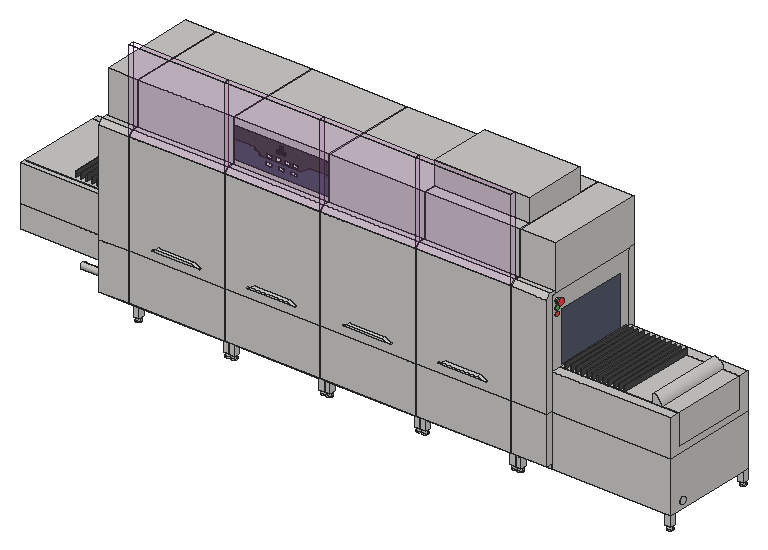
Revit family "QF_ELECTROLUXPROFESSIONAL_520715_EFTD064EL2U2D1M5L385", category Attrezzature speciali, Revit 2020
Family settings
  Quota connettore circolare = Usa diametro
  Tipo di parte = Normale
  Basato su piano di lavoro = No
  Sempre verticale = Sì
  Taglio con vuoti quando caricato = No
  Condiviso = No
  Punto di calcolo locali = No
Parameters (values of type "Standard")
  Weight = 1123.00 kg
  Watts = 48500 W
  Volts = 380 V
  URL Manufacturer = "https://www.electroluxprofessional.com/"
  URL = "https://www.electroluxprofessional.com/"
  Steam Supply Size = 0 mm
  Steam Supply Minimum Pressure = 0.0 Pa
  Steam Supply Maximum Pressure = 0.0 Pa
  Steam Consumption per Hour = 0
  Show Logo [instance] = yes
  Show Clearance [instance] = yes
  Refrigeration Suction Line Size = 0 mm
  Refrigeration Liquid Line Size = 0 mm
  Refrigerant Compressor Remote = yes
  Prospetto di default = 0 mm
  Produttore = "Electrolux Professional"
  Phase = 3
  Modello = "EFTD064EL2U2D1M5L385"
  Length Actual = 5450 mm  # constant formula
  Item Number = "520715"
  Hot Water Size = 0 mm
  Height Actual = 1983 mm  # constant formula
  HP = "65 HP"
  Gas Size = 0 mm
  Gas KW = 0
  Gas Input Pressure = 0 W
  Direct Waste Size = 50.8 mm
  Descrizione = "FT, 2Tanks, 6400D/H, El., 950mm loading, 1300mm unloading, 1Dryer, 55mm conveyor,L>R,380V50Hz3P"
  Depth Actual = 946 mm  # constant formula
  Cycle = 50 Hz
  Condensate Return Size = 0 mm
  Compressed Air Volume = 0.0 L/s
  Compressed Air Size = 0 mm
  Compressed Air Pressure = 0.0 Pa
  Cold Water Size = 0 mm
  Accessory = yes
Reference planes
  plane 1 "Centro (Fronte/Retro)": y = 0
  plane 2: z = 0
  plane 3 "Centro (Sinistra/Destra)": x = 0
  plane 4: z = 115
Forms (mm)
  Extrusion 1, solid, material "QF_Finishes_Stainless Steel"
    sketch origin (1432.404, 2, 1806.023) x (1, 0, 0) y (0, 0, 1)
      loop
        line (407.596, -163.023) -> (407.596, -183.023) -> (427.596, -183.023) -> (427.596, -163.023) -> (407.596, -163.023)
    from 0 to 2
  Extrusion 2, solid, material "QF_Finishes_Stainless Steel"
    sketch origin (5455.617, -1522.464, 1290.159) x (0, 0, -1) y (0, -1, 0)
      loop
        circle (1102.159, -772.464) r 25
    from -9.383 to 5.617
  Extrusion 3, solid, material "QF_Finishes_Stainless Steel"
    sketch origin (2092.404, 2, 337.984) x (1, 0, 0) y (0, 0, 1)
      loop
        line (407.596, -163.023) -> (407.596, -183.023) -> (427.596, -183.023) -> (427.596, -163.023) -> (407.596, -163.023)
    from 0 to 2
  Extrusion 4, solid, material "QF_Finishes_Stainless Steel"
    sketch origin (2526.841, 200.464, 109.383) x (1, 0, 0) y (0, 1, 0)
      loop
        circle (1102.159, -772.464) r 10
    from -9.383 to 5.617
  Extrusion 5, solid, material "QF_Finishes_Stainless Steel"
    sketch origin (2597.841, 200.464, 109.383) x (1, 0, 0) y (0, 1, 0)
      loop
        circle (1102.159, -772.464) r 10
    from -9.383 to 5.617
  Extrusion 6, solid, material "QF_Finishes_Stainless Steel"
    sketch origin (444.383, 22.464, 1290.159) x (0, 0, -1) y (0, 1, 0)
      loop
        circle (1102.159, -772.464) r 25
    from -9.383 to 255.617
Dimensions and locks
  plane 4 to level = 115 mm
  aligned and locked: level to plane 2
Nested families
  nested 1: "MODULO_CENTER_800_FAN" at (3733.563, -388.258, 0), Show Clearance <- "Show Clearance", type "MODULO_CENTER_800_FAN"
    with Show Logo yes, Show Clearance yes, R_L no, L_R yes
  nested 2: "MODULO_CENTER_800" at (2133.563, -388.258, 0), Show Clearance <- "Show Clearance", type "MODULO_CENTER_800"
    with Show Logo yes, Show Clearance yes, R_L no, L_R yes
  nested 3: "MODULO_ENTRY_DISH_950" at (558.563, -388.258, 0), type "MODULO_ENTRY_DISH_950"
    with Show Logo yes, Show Clearance yes, R_L no, L_R yes
  nested 4: "MODULO_USCITA_DISH_1300" at (4508.563, -388.258, 0), type "MODULO_USCITA_DISH_1300"
    with Show Logo yes, Show Clearance yes, R_L yes, L_R no
  nested 5: "Piedino_Square_115H" at (5426.5, -73.5, 0) x (-1, 0, 0) z (0, 0, 1), type "Piedino_Square_115H"
  nested 6: "Piedino_Square_115H" at (5426.5, -838.5, 0) x (-1, 0, 0) z (0, 0, 1), type "Piedino_Square_115H"
  nested 7: "Piedino_Square_115H" at (4173.5, -73.5, 0) x (-1, 0, 0) z (0, 0, 1), type "Piedino_Square_115H"
  nested 8: "Piedino_Square_115H" at (4173.5, -838.5, 0) x (-1, 0, 0) z (0, 0, 1), type "Piedino_Square_115H"
  nested 9: "Piedino_Square_115H" at (2573.5, -838.5, 0), type "Piedino_Square_115H"
  nested 10: "Piedino_Square_115H" at (2573.5, -73.5, 0), type "Piedino_Square_115H"
  nested 11: "Piedino_Square_115H" at (3326.5, -838.5, 0), type "Piedino_Square_115H"
  nested 12: "Piedino_Square_115H" at (3326.5, -73.5, 0), type "Piedino_Square_115H"
  nested 13: "Piedino_Square_115H" at (3373.5, -838.5, 0) x (-1, 0, 0) z (0, 0, 1), type "Piedino_Square_115H"
  nested 14: "Piedino_Square_115H" at (3373.5, -73.5, 0) x (-1, 0, 0) z (0, 0, 1), type "Piedino_Square_115H"
  nested 15: "Piedino_Square_115H" at (4126.5, -838.5, 0) x (-1, 0, 0) z (0, 0, 1), type "Piedino_Square_115H"
  nested 16: "Piedino_Square_115H" at (4126.5, -73.5, 0) x (-1, 0, 0) z (0, 0, 1), type "Piedino_Square_115H"
  nested 17: "Piedino_Square_115H" at (1773.5, -838.5, 0), type "Piedino_Square_115H"
  nested 18: "Piedino_Square_115H" at (1773.5, -73.5, 0), type "Piedino_Square_115H"
  nested 19: "Piedino_Square_115H" at (2526.5, -838.5, 0), type "Piedino_Square_115H"
  nested 20: "Piedino_Square_115H" at (2526.5, -73.5, 0), type "Piedino_Square_115H"
  nested 21: "MANIGLIA_FLIGHT_400" at (2150, -912, 639.28) x (1, 0, 0) z (0, -1, 0), type "MANIGLIA_FLIGHT_400"
  nested 22: "MANIGLIA_FLIGHT_400" at (3750, -912, 639.28) x (1, 0, 0) z (0, -1, 0), type "MANIGLIA_FLIGHT_400"
  nested 23: "MANIGLIA_FLIGHT_400" at (2950, -912, 639.28) x (1, 0, 0) z (0, -1, 0), type "MANIGLIA_FLIGHT_400"
  nested 24: "Schermo_Flight_800" at (2150, -815, 1583) x (1, 0, 0) z (0, -1, 0), type "Schermo_Flight_800"
  nested 25: "ELX_LOGO_WORDS_WHITE" at (2150, -816.6, 1663) x (1, 0, 0) z (0, -1, 0), Show Logo <- "Show Logo", visible <- "Show Logo", type "ELX_LOGO_WORDS_WHITE"
    with Show Logo yes
  nested 26: "ELX_LOGO_MONO_SMALL_WHITE" at (2140.08, -816.6, 1649) x (-1, 0, 0) z (0, -1, 0), Show Logo <- "Show Logo", visible <- "Show Logo", type "ELX_LOGO_MONO_SMALL_WHITE"
    with Show Logo yes
  nested 27: "MODULO_CENTER_800" at (2966.437, -388.258, 0) x (-1, 0, 0) z (0, 0, 1), Show Clearance <- "Show Clearance", type "MODULO_CENTER_800"
    with Show Logo yes, Show Clearance yes, R_L no, L_R yes
  nested 28: "Piedino_Square_115H" at (1726.5, -838.5, 0) x (-1, 0, 0) z (0, 0, 1), type "Piedino_Square_115H"
  nested 29: "Piedino_Square_115H" at (1726.5, -73.5, 0) x (-1, 0, 0) z (0, 0, 1), type "Piedino_Square_115H"
  nested 30: "Piedino_Square_115H" at (973.5, -838.5, 0) x (-1, 0, 0) z (0, 0, 1), type "Piedino_Square_115H"
  nested 31: "Piedino_Square_115H" at (973.5, -73.5, 0) x (-1, 0, 0) z (0, 0, 1), type "Piedino_Square_115H"
  nested 32: "MANIGLIA_FLIGHT_400" at (1350, -912, 639.28) x (-1, 0, 0) z (0, -1, 0), type "MANIGLIA_FLIGHT_400"
  nested 33: "MODULO_CENTER_800" at (1333.563, -388.258, 0), Show Clearance <- "Show Clearance", type "MODULO_CENTER_800"
    with Show Logo yes, Show Clearance yes, R_L no, L_R yes
Connectors
  electrical at (1850, 2, 1633)
    settings: on Extrusion 1, index 69, voltage 0 V, apparent load 0 VA, apparent load phase1 0 VA, apparent load phase2 0 VA, apparent load phase3 0 VA, power factor 1, load classification "Altro", number of poles 1, system type 30, power factor state 1, is connector primary yes, connector utility no, sub classification motor no, connector description "EI"
  piping at (5465, -750, 188), diameter 50
    settings: on Extrusion 2, index 70, connector inside diameter 609.6 mm, connector length 0 mm, flow factor 0, pipe flow 0.0 L/s, pressure drop 0.0 Pa, fitting loss kfactor 0, connector angle 0.00°, fixture units 0, engagement length 0 mm, angle of deflection 0.00°, flow configuration 0, flow direction 0, fitting loss method 0, system type 29, joint type 0, gender type 0, connector reference index -1, connector utility 0, adjustable connector no, is connector primary yes, connector description "D"
  electrical at (2510, 2, 164.961)
    settings: on Extrusion 3, index 71, voltage 0 V, apparent load 0 VA, apparent load phase1 0 VA, apparent load phase2 0 VA, apparent load phase3 0 VA, power factor 1, load classification "Altro", number of poles 1, system type 30, power factor state 1, is connector primary no, connector utility no, sub classification motor no, connector description "EQ"
  piping at (3629, -572, 100), diameter 19.1
    settings: on Extrusion 4, index 72, connector inside diameter 609.6 mm, connector length 0 mm, flow factor 0, pipe flow 0.0 L/s, pressure drop 0.0 Pa, fitting loss kfactor 0, connector angle 0.00°, fixture units 0, engagement length 0 mm, angle of deflection 0.00°, flow configuration 0, flow direction 0, fitting loss method 0, system type 29, joint type 0, gender type 0, connector reference index -1, connector utility 0, adjustable connector no, is connector primary no, connector description "HWI/CWI"
  piping at (3700, -572, 100), diameter 19.1
    settings: on Extrusion 5, index 73, connector inside diameter 609.6 mm, connector length 0 mm, flow factor 0, pipe flow 0.0 L/s, pressure drop 0.0 Pa, fitting loss kfactor 0, connector angle 0.00°, fixture units 0, engagement length 0 mm, angle of deflection 0.00°, flow configuration 0, flow direction 0, fitting loss method 0, system type 29, joint type 0, gender type 0, connector reference index -1, connector utility 0, adjustable connector no, is connector primary no, connector description "HWI/CWI"
  piping at (435, -750, 188), diameter 50
    settings: on Extrusion 6, index 74, connector inside diameter 609.6 mm, connector length 0 mm, flow factor 0, pipe flow 0.0 L/s, pressure drop 0.0 Pa, fitting loss kfactor 0, connector angle 0.00°, fixture units 0, engagement length 0 mm, angle of deflection 0.00°, flow configuration 0, flow direction 0, fitting loss method 0, system type 29, joint type 0, gender type 0, connector reference index -1, connector utility 0, adjustable connector no, is connector primary no, connector description "D"
Definition of nested family "MODULO_CENTER_800_FAN"
  Parameters (values of type "MODULO_CENTER_800_FAN")
    URL = "http://professional.electrolux.com"
    Show Logo [instance] = yes
    R_L [instance] = not(L_R)  # no
    Default Elevation = 0 mm
    Manufacturer = "Electrolux"
    Model = "ESR10E5"
    Length Actual = 800 mm
    Show Clearance [instance] = yes
    L_R [instance] = yes
    Height Actual = 1792 mm
    Description = "SINGLE RINSE RT, 100R/H, ELECTRIC 50HZ"
    Depth Actual = 912 mm
  Reference planes
    plane 1 "Center X": y = -67.742
    plane 2: z = 0
    plane 3 "LEFT": x = -383.563
    plane 4 "RIGHT": x = 416.437
    plane 5 "BACK": y = 388.258
    plane 6 "FEET": z = 115
    plane 7: z = 2092
    plane 8 "TOP": z = 1792
    plane 9 "FRONT": y = -523.742
    plane 10 "Left/Right": x = 16.437
    plane 11 "TopVent": z = 1983
  Forms (mm)
    Extrusion 1, solid
      sketch origin (416.437, 479.936, 4000) x (0, 1, 0) y (0, 0, 1)
        loop
          line (-91.678, -2208) -> (-906.678, -2208) -> (-906.678, -2580) -> (-91.678, -2580) -> (-91.678, -2208)
      from -800 to 0
    Extrusion 2, solid
      sketch origin (-383.563, 437.565, 3910) x (0, 1, 0) y (0, 0, 1)
        loop
          line (-99.307, -2490) -> (-911.307, -2490) -> (-911.307, -3552) -> (-99.307, -3552) -> (-99.307, -2490)
      from 800 to 0
    Extrusion 3, solid
      sketch origin (416.437, 479.936, 4299) x (0, 1, 0) y (0, 0, 1)
        loop
          line (-278.21, -2316) -> (-803.678, -2316) -> (-803.678, -2507) -> (-278.21, -2507) -> (-278.21, -2316)
      from -800 to 0
    Extrusion 4, solid
      sketch origin (16.437, 0, 1.5) x (0, 0, 1) y (0, -1, 0)
        loop
          line (356.5, -338.258) -> (356.5, 473.742) -> (113.5, 473.742) -> (113.5, -338.258) -> (356.5, -338.258)
      from 400 to -400
    Extrusion 5, solid
      sketch origin (16.437, 0, 0) x (0, 0, 1) y (0, -1, 0)
        loop
          line (1420, -338.258) -> (545, -338.258) -> (545, -388.258) -> (1420, -388.258) -> (1420, -338.258)
      from -400 to 400
    Extrusion 6, solid
      sketch origin (16.437, 0, 0) x (0, 0, 1) y (0, -1, 0)
        loop
          line (545, -388.258) -> (545, -338.258) -> (154, -338.258) -> (154, -388.258) -> (545, -388.258)
      from -400 to 400
    Extrusion 7, solid
      sketch origin (16.437, -882.484, -150) x (0, -1, 0) y (0, 0, 1)
        loop
          line (-358.742, 304) -> (-358.742, 695) -> (-408.742, 695) -> (-408.742, 304) -> (-358.742, 304)
      from -400 to 400
    Extrusion 8, solid
      sketch origin (16.437, -882.484, -151) x (0, -1, 0) y (0, 0, 1)
        loop
          line (-408.742, 1571) -> (-408.742, 696) -> (-358.742, 696) -> (-358.742, 1556) -> (-395.742, 1593) -> (-443.742, 1593) -> (-443.742, 1571) -> (-408.742, 1571)
      from -400 to 400
    Extrusion 9, solid, visible <- "Show Clearance"
      sketch origin (16.437, -882.484, 452) x (0, -1, 0) y (0, 0, 1)
        loop
          line (-408.742, 1640) -> (-408.742, 953.624) -> (-358.742, 953.624) -> (-358.742, 1640) -> (-408.742, 1640)
      from -400 to 400
  Dimensions and locks
    plane 3 "LEFT" to plane 4 "RIGHT" = 800 mm
    plane 5 "BACK" to plane 1 "Center X" to plane 9 "FRONT" = 456 mm, 456 mm
    plane 6 "FEET" to level = 115 mm  (x2)
    plane 6 "FEET" to plane 8 "TOP" = 1677 mm
    plane 5 "BACK" to plane 9 "FRONT" = 912 mm  (x2)
    plane 4 "RIGHT" to plane 3 "LEFT" = 800 mm
    plane 9 "FRONT" to plane 5 "BACK" = 912 mm
    level to plane 8 "TOP" = 1792 mm  (x2)
    plane 7 to level = 2092 mm
    plane 11 "TopVent" to plane 2 = 1983 mm
    plane 7 to plane 2 = 2092 mm
    Extrusion 2 to level = 1420 mm
    Extrusion 8 to level = 1442 mm
    plane 11 "TopVent" to level = 1983 mm
    aligned and locked: level to plane 2
Definition of nested family "MODULO_CENTER_800"
  Parameters (values of type "MODULO_CENTER_800")
    URL = "http://professional.electrolux.com"
    Show Logo [instance] = yes
    R_L [instance] = not(L_R)  # no
    Default Elevation = 0 mm
    Manufacturer = "Electrolux"
    Model = "ESR10E5"
    Length Actual = 800 mm
    Show Clearance [instance] = yes
    L_R [instance] = yes
    Height Actual = 1792 mm
    Description = "SINGLE RINSE RT, 100R/H, ELECTRIC 50HZ"
    Depth Actual = 912 mm
  Reference planes
    plane 1 "Center X": y = -67.742
    plane 2: z = 0
    plane 3 "LEFT": x = -383.563
    plane 4 "RIGHT": x = 416.437
    plane 5 "BACK": y = 388.258
    plane 6 "FEET": z = 115
    plane 7: z = 2092
    plane 8 "TOP": z = 1792
    plane 9 "FRONT": y = -523.742
    plane 10 "Left/Right": x = 16.437
  Forms (mm)
    Extrusion 1, solid
      sketch origin (416.437, 479.936, 4000) x (0, 1, 0) y (0, 0, 1)
        loop
          line (-91.678, -2208) -> (-906.678, -2208) -> (-906.678, -2580) -> (-91.678, -2580) -> (-91.678, -2208)
      from -800 to 0
    Extrusion 2, solid
      sketch origin (-383.563, 437.565, 3915) x (0, 1, 0) y (0, 0, 1)
        loop
          line (-99.307, -2495) -> (-911.307, -2495) -> (-911.307, -3557) -> (-99.307, -3557) -> (-99.307, -2495)
      from 800 to 0
    Extrusion 3, solid
      sketch origin (16.437, 0, 1.5) x (0, 0, 1) y (0, -1, 0)
        loop
          line (356.5, -338.258) -> (356.5, 473.742) -> (113.5, 473.742) -> (113.5, -338.258) -> (356.5, -338.258)
      from 400 to -400
    Extrusion 4, solid
      sketch origin (16.437, 0, 0) x (0, 0, 1) y (0, -1, 0)
        loop
          line (1420, -338.258) -> (545, -338.258) -> (545, -388.258) -> (1420, -388.258) -> (1420, -338.258)
      from -400 to 400
    Extrusion 5, solid
      sketch origin (16.437, 0, 0) x (0, 0, 1) y (0, -1, 0)
        loop
          line (545, -388.258) -> (545, -338.258) -> (154, -338.258) -> (154, -388.258) -> (545, -388.258)
      from -400 to 400
    Extrusion 6, solid
      sketch origin (16.437, -882.484, -150) x (0, -1, 0) y (0, 0, 1)
        loop
          line (-358.742, 304) -> (-358.742, 695) -> (-408.742, 695) -> (-408.742, 304) -> (-358.742, 304)
      from -400 to 400
    Extrusion 7, solid
      sketch origin (16.437, -882.484, -151) x (0, -1, 0) y (0, 0, 1)
        loop
          line (-408.742, 1571) -> (-408.742, 696) -> (-358.742, 696) -> (-358.742, 1556) -> (-395.742, 1593) -> (-443.742, 1593) -> (-443.742, 1571) -> (-408.742, 1571)
      from -400 to 400
    Extrusion 8, solid, visible <- "Show Clearance"
      sketch origin (16.437, -882.484, 452) x (0, -1, 0) y (0, 0, 1)
        loop
          line (-408.742, 1640) -> (-408.742, 953.624) -> (-358.742, 953.624) -> (-358.742, 1640) -> (-408.742, 1640)
      from -400 to 400
  Dimensions and locks
    plane 3 "LEFT" to plane 4 "RIGHT" = 800 mm
    plane 5 "BACK" to plane 1 "Center X" to plane 9 "FRONT" = 456 mm, 456 mm
    plane 6 "FEET" to level = 115 mm  (x2)
    plane 6 "FEET" to plane 8 "TOP" = 1677 mm
    plane 5 "BACK" to plane 9 "FRONT" = 912 mm  (x2)
    plane 4 "RIGHT" to plane 3 "LEFT" = 800 mm
    plane 9 "FRONT" to plane 5 "BACK" = 912 mm
    level to plane 8 "TOP" = 1792 mm  (x2)
    plane 7 to level = 2092 mm
    plane 7 to plane 2 = 2092 mm
    Extrusion 2 to level = 1420 mm
    Extrusion 7 to level = 1442 mm
    aligned and locked: level to plane 2
Definition of nested family "MODULO_ENTRY_DISH_950"
  Parameters (values of type "MODULO_ENTRY_DISH_950")
    URL = "http://professional.electrolux.com"
    Show Logo [instance] = yes
    R_L [instance] = not(L_R)  # no
    Default Elevation = 0 mm
    Manufacturer = "Electrolux"
    Model = "ESR10E5"
    Length Actual = 800 mm
    Show Clearance [instance] = yes
    L_R [instance] = yes
    Height Actual = 1792 mm
    Description = "SINGLE RINSE RT, 100R/H, ELECTRIC 50HZ"
    Depth Actual = 912 mm
  Reference planes
    plane 1 "Center (Front/Back)": y = -67.742
    plane 2: z = 0
    plane 3 "LEFT": x = -558.563
    plane 4 "RIGHT": x = 391.437
    plane 5 "BACK": y = 388.258
    plane 6 "FRONT": y = -523.742
    plane 7 "BUTTONS": y = -427.742
    plane 8: z = 115
    plane 9 "2": y = 292.258
  Forms (mm)
    Extrusion 1, solid, visible <- "L_R"
      sketch origin (391.437, 479.936, 4000) x (0, 1, 0) y (0, 0, 1)
        loop
          line (-91.678, -2208) -> (-906.678, -2208) -> (-906.678, -2580) -> (-91.678, -2580) -> (-91.678, -2208)
      from -250 to 0
    Extrusion 2, solid
      sketch origin (-358.563, 437.565, 3910) x (0, 1, 0) y (0, 0, 1)
        loop
          line (-99.307, -2490) -> (-911.307, -2490) -> (-911.307, -3552) -> (-99.307, -3552) -> (-99.307, -2490)
      from 750 to 500
    Extrusion 3, solid
      sketch origin (-558.563, 437.565, 3910) x (0, 1, 0) y (0, 0, 1)
        loop
          line (-99.307, -3365) -> (-99.307, -3060) -> (-149.307, -3060) -> (-149.307, -3315) -> (-861.307, -3315) -> (-861.307, -3060) -> (-911.307, -3060) -> (-911.307, -3365) -> (-99.307, -3365)
      from 700 to 0
    Extrusion 4, solid
      sketch origin (16.437, 0, -4.987) x (0, 0, 1) y (0, -1, 0)
        loop
          line (362.987, -338.258) -> (362.987, 473.742) -> (119.987, 473.742) -> (119.987, -338.258) -> (362.987, -338.258)
      from 375 to 125
    Extrusion 5, solid, visible <- "L_R"
      sketch origin (16.437, 0, 0) x (0, 0, 1) y (0, -1, 0)
        loop
          line (1420, -338.258) -> (545, -338.258) -> (545, -388.258) -> (1420, -388.258) -> (1420, -338.258)
      from 125 to 375
    Extrusion 6, solid
      sketch origin (16.437, 0, 0) x (0, 0, 1) y (0, -1, 0)
        loop
          line (545, -388.258) -> (545, -338.258) -> (154, -338.258) -> (154, -388.258) -> (545, -388.258)
      from 125 to 375
    Extrusion 7, solid
      sketch origin (-558.563, 437.565, 3607.258) x (0, 1, 0) y (0, 0, 1)
        loop
          line (-99.307, -3249.258) -> (-99.307, -3062.258) -> (-911.307, -3062.258) -> (-911.307, -3249.258) -> (-99.307, -3249.258)
      from 700 to 0
    Extrusion 8, solid
      sketch origin (-558.563, 437.565, 4000) x (0, 1, 0) y (0, 0, 1)
        loop
          line (-149.307, -3150) -> (-861.307, -3150) -> (-861.307, -3405) -> (-149.307, -3405) -> (-149.307, -3150)
      from 0 to 700
    Extrusion 9, solid
      sketch origin (266.437, -882.484, -150) x (0, -1, 0) y (0, 0, 1)
        loop
          line (-358.742, 304) -> (-358.742, 695) -> (-408.742, 695) -> (-408.742, 304) -> (-358.742, 304)
      from -125 to 125
    Extrusion 10, solid, visible <- "L_R"
      sketch origin (266.437, -882.484, -151) x (0, -1, 0) y (0, 0, 1)
        loop
          line (-408.742, 1571) -> (-408.742, 696) -> (-358.742, 696) -> (-358.742, 1556) -> (-395.742, 1593) -> (-443.742, 1593) -> (-443.742, 1571) -> (-408.742, 1571)
      from -125 to 125
    Extrusion 11, solid
      sketch origin (-358.563, 437.565, 4000) x (0, 1, 0) y (0, 0, 1)
        loop
          line (-199.307, -2725.701) -> (-811.307, -2725.701) -> (-811.307, -3137.701) -> (-199.307, -3137.701) -> (-199.307, -2725.701)
      from 495.458 to 500
    Extrusion 12, solid, visible <- "R_L"
      sketch origin (266.437, 747, -151) x (0, 1, 0) y (0, 0, -1)
        loop
          line (-408.742, -1571) -> (-443.742, -1571) -> (-443.742, -1593) -> (-395.742, -1593) -> (-358.742, -1556) -> (-358.742, -696) -> (-408.742, -696) -> (-408.742, -1571)
      from -125 to 125
    Extrusion 13, solid, visible <- "R_L"
      sketch origin (16.437, -135.484, 0) x (0, 0, 1) y (0, -1, 0)
        loop
          line (1420, 338.258) -> (1420, 388.258) -> (545, 388.258) -> (545, 338.258) -> (1420, 338.258)
      from 125 to 375
    Extrusion 14, solid, visible <- "R_L"
      sketch origin (391.437, -615.42, 4000) x (0, -1, 0) y (0, 0, -1)
        loop
          line (-91.678, 2208) -> (-91.678, 2580) -> (-906.678, 2580) -> (-906.678, 2208) -> (-91.678, 2208)
      from -250 to 0
    Extrusion 15, solid
      sketch origin (-191.477, -192.742, -3) x (-1, 0, 0) y (0, 0, 1)
        loop
          line (-26.676, 853) -> (-26.676, 898) -> (-36.676, 898) -> (-36.676, 853) -> (-26.676, 853)
      from -196 to 446
    Extrusion 16, solid
      sketch origin (-146.477, -192.742, -3) x (-1, 0, 0) y (0, 0, 1)
        loop
          line (-26.676, 853) -> (-26.676, 898) -> (-36.676, 898) -> (-36.676, 853) -> (-26.676, 853)
      from -196 to 446
    Extrusion 17, solid
      sketch origin (-101.477, -192.742, -3) x (-1, 0, 0) y (0, 0, 1)
        loop
          line (-26.676, 853) -> (-26.676, 898) -> (-36.676, 898) -> (-36.676, 853) -> (-26.676, 853)
      from -196 to 446
    Extrusion 18, solid
      sketch origin (-56.477, -192.742, -3) x (-1, 0, 0) y (0, 0, 1)
        loop
          line (-26.676, 853) -> (-26.676, 898) -> (-36.676, 898) -> (-36.676, 853) -> (-26.676, 853)
      from -196 to 446
    Extrusion 19, solid
      sketch origin (-11.477, -192.742, -3) x (-1, 0, 0) y (0, 0, 1)
        loop
          line (-26.676, 853) -> (-26.676, 898) -> (-36.676, 898) -> (-36.676, 853) -> (-26.676, 853)
      from -196 to 446
    Extrusion 20, solid
      sketch origin (33.523, -192.742, -3) x (-1, 0, 0) y (0, 0, 1)
        loop
          line (-26.676, 853) -> (-26.676, 898) -> (-36.676, 898) -> (-36.676, 853) -> (-26.676, 853)
      from -196 to 446
  Dimensions and locks
    plane 3 "LEFT" to plane 4 "RIGHT" = 950 mm
    plane 5 "BACK" to plane 1 "Center (Front/Back)" to plane 6 "FRONT" = 456 mm, 456 mm
    plane 5 "BACK" to plane 6 "FRONT" = 912 mm  (x2)
    plane 4 "RIGHT" to plane 3 "LEFT" = 950 mm  (x2)
    plane 6 "FRONT" to plane 5 "BACK" = 912 mm
    plane 8 to level = 115 mm
    Extrusion 1 to level = 1792 mm
    Extrusion 3 to level = 850 mm
    aligned and locked: level to plane 2
  Nested families
    nested 1: "BOTTONE_RED_STOP" at (141.437, -427.742, 1266.906) x (0, -1, 0) z (-1, 0, 0), visible <- "L_R", type "BOTTONE_RED_STOP"
    nested 2: "BOTTONE_EMERGENCY_STOP" at (141.437, -427.742, 1370) x (0, -1, 0) z (-1, 0, 0), visible <- "L_R", type "BOTTONE_EMERGENCY_STOP"
    nested 3: "BOTTONE_GREEN_START" at (141.437, -427.742, 1316.906) x (0, -1, 0) z (-1, 0, 0), visible <- "L_R", type "BOTTONE_GREEN_START"
    nested 4: "BOTTONE_RED_STOP" at (141.437, 292.258, 1267.906) x (0, 1, 0) z (-1, 0, 0), visible <- "R_L", type "BOTTONE_RED_STOP"
    nested 5: "BOTTONE_EMERGENCY_STOP" at (141.437, 292.258, 1371) x (0, 1, 0) z (-1, 0, 0), visible <- "R_L", type "BOTTONE_EMERGENCY_STOP"
    nested 6: "BOTTONE_GREEN_START" at (141.437, 292.258, 1317.906) x (0, 1, 0) z (-1, 0, 0), visible <- "R_L", type "BOTTONE_GREEN_START"
  Definition of nested family "BOTTONE_RED_STOP"
    Parameters (values of type "BOTTONE_RED_STOP")
      Default Elevation = 1219.2 mm
    Reference planes
      plane 1 "Centro (Fronte/Retro)": y = 0
      plane 2: z = 0
      plane 3 "Centro (Sinistra/Destra)": x = 0
    Forms (mm)
      Extrusion 1, solid
        sketch origin (0, 0, 0) x (1, 0, 0) y (0, 1, 0)
          loop
            line (-1219.2, 1219.2) -> (-1219.2, -1219.2) -> (1219.2, -1219.2) -> (1219.2, 1219.2) -> (-1219.2, 1219.2)
        from 0 to -304.8
      Extrusion 2, solid
        sketch origin (-367.513, 69.533, 15) x (-1, 0, 0) y (0, 1, 0)
          loop
            circle (-367.513, -69.533) r 15
        from 0 to 15
    Dimensions and locks
      aligned and locked: plane 2 to Extrusion 1
      aligned and locked: level to Extrusion 1
  Definition of nested family "BOTTONE_EMERGENCY_STOP"
    Parameters
      Default Elevation = 1219.2 mm
    Reference planes
      plane 1 "Centro (Fronte/Retro)": y = 0
      plane 2: z = 0
      plane 3 "Centro (Sinistra/Destra)": x = 0
    Forms (mm)
      Extrusion 1, solid
        sketch origin (0, 0, 0) x (1, 0, 0) y (0, 1, 0)
          loop
            line (-1219.2, 1219.2) -> (-1219.2, -1219.2) -> (1219.2, -1219.2) -> (1219.2, 1219.2) -> (-1219.2, 1219.2)
        from 0 to -304.8
      Extrusion 2, solid
        sketch origin (0, 0, 0) x (1, 0, 0) y (0, 1, 0)
          loop
            circle (0, 0) r 15
        from 0 to 20.273
      Blend 3, solid
        base sketch origin (-49.801, 0, 0) x (1, 0, 0) y (0, 1, 0)
          loop
            circle (49.801, 0) r 15
        top sketch origin (-49.801, 0, 0) x (1, 0, 0) y (0, 1, 0)
          loop
            circle (49.801, 0) r 25
        from 20.273 to 47.605
    Dimensions and locks
      aligned and locked: plane 2 to Extrusion 1
      aligned and locked: level to Extrusion 1
  Definition of nested family "BOTTONE_GREEN_START"
    Parameters (values of type "BOTTONE_GREEN_START")
      Default Elevation = 1219.2 mm
    Reference planes
      plane 1 "Centro (Fronte/Retro)": y = 0
      plane 2: z = 0
      plane 3 "Centro (Sinistra/Destra)": x = 0
    Forms (mm)
      Extrusion 1, solid
        sketch origin (0, 0, 0) x (1, 0, 0) y (0, 1, 0)
          loop
            line (-1219.2, 1219.2) -> (-1219.2, -1219.2) -> (1219.2, -1219.2) -> (1219.2, 1219.2) -> (-1219.2, 1219.2)
        from 0 to -304.8
      Extrusion 2, solid
        sketch origin (-367.513, 69.533, 15) x (-1, 0, 0) y (0, 1, 0)
          loop
            circle (-367.513, -69.533) r 15
        from 0 to 15
    Dimensions and locks
      aligned and locked: plane 2 to Extrusion 1
      aligned and locked: level to Extrusion 1
Definition of nested family "MODULO_USCITA_DISH_1300"
  Parameters (values of type "MODULO_USCITA_DISH_1300")
    URL = "http://professional.electrolux.com"
    Show Logo [instance] = yes
    R_L [instance] = not(L_R)  # yes
    Default Elevation = 0 mm
    Manufacturer = "Electrolux"
    Model = "ESR10E5"
    Length Actual = 800 mm
    Show Clearance [instance] = yes
    L_R [instance] = no
    Height Actual = 1792 mm
    Description = "SINGLE RINSE RT, 100R/H, ELECTRIC 50HZ"
    Depth Actual = 912 mm
  Reference planes
    plane 1 "Center (Front/Back)": y = -67.742
    plane 2: z = 0
    plane 3 "LEFT": x = -358.563
    plane 4 "BACK": y = 388.258
    plane 5 "FEET": z = 115
    plane 6 "TOP": z = 1792
    plane 7 "FRONT": y = -523.742
    plane 8 "Left/Right": x = 16.437
    plane 9: x = -358.563
    plane 10: y = -427.742
    plane 11 "RIGHT": x = 941.437
  Forms (mm)
    Extrusion 1, solid, visible <- "R_L"
      sketch origin (-358.563, 479.936, 4003) x (0, 1, 0) y (0, 0, -1)
        loop
          line (-91.678, 2211) -> (-91.678, 2583) -> (-906.678, 2583) -> (-906.678, 2211) -> (-91.678, 2211)
      from -300 to 0
    Extrusion 2, solid
      sketch origin (-358.563, 437.565, 4003) x (0, 1, 0) y (0, 0, 1)
        loop
          line (-99.307, -3458) -> (-911.307, -3458) -> (-911.307, -3888) -> (-99.307, -3888) -> (-99.307, -3458)
      from 300 to 0
    Extrusion 3, solid
      sketch origin (-358.563, 479.936, 4003) x (0, 1, 0) y (0, 0, -1)
        loop
          line (-141.678, 2583) -> (-141.678, 3458) -> (-953.678, 3458) -> (-953.678, 2583) -> (-141.678, 2583)
      from -300 to 0
    Extrusion 4, solid
      sketch origin (391.437, 437.565, 3913) x (0, 1, 0) y (0, 0, -1)
        loop
          line (-99.307, 3368) -> (-911.307, 3368) -> (-911.307, 3063) -> (-826.307, 3063) -> (-826.307, 3318) -> (-184.307, 3318) -> (-184.307, 3063) -> (-99.307, 3063) -> (-99.307, 3368)
      from 450 to -550
    Extrusion 5, solid, visible <- "R_L"
      sketch origin (16.437, 0, 3) x (0, 0, 1) y (0, 1, 0)
        loop
          line (1417, 338.258) -> (1417, 388.258) -> (542, 388.258) -> (542, 338.258) -> (1417, 338.258)
      from 75 to 375
    Extrusion 6, solid
      sketch origin (16.437, 0, 3) x (0, 0, 1) y (0, 1, 0)
        loop
          line (542, 388.258) -> (151, 388.258) -> (151, 338.258) -> (542, 338.258) -> (542, 388.258)
      from 75 to 375
    Extrusion 7, solid
      sketch origin (391.437, 437.565, 3610.258) x (0, 1, 0) y (0, 0, -1)
        loop
          line (-99.307, 3495.258) -> (-911.307, 3495.258) -> (-911.307, 3065.258) -> (-99.307, 3065.258) -> (-99.307, 3495.258)
      from 450 to -550
    Extrusion 8, solid
      sketch origin (991.437, 0, 3) x (0, 1, 0) y (0, 0, 1)
        loop
          line (253.258, 847) -> (-388.742, 847) -> (-388.742, 592) -> (253.258, 592) -> (253.258, 847)
      from -50 to -1050
    Extrusion 9, solid
      sketch origin (-358.563, 437.565, 3928) x (0, 1, 0) y (0, 0, 1)
        loop
          line (-811.307, -3065.701) -> (-199.307, -3065.701) -> (-199.307, -2653.701) -> (-811.307, -2653.701) -> (-811.307, -3065.701)
      from 300 to 304.77
    Extrusion 10, solid
      sketch origin (-208.563, -115, -147) x (0, 1, 0) y (0, 0, 1)
        loop
          line (-358.742, 301) -> (-358.742, 692) -> (-408.742, 692) -> (-408.742, 301) -> (-358.742, 301)
      from -150 to 150
    Extrusion 11, solid, visible <- "R_L"
      sketch origin (-208.563, -882.484, -151) x (0, -1, 0) y (0, 0, 1)
        loop
          line (-408.742, 1571) -> (-408.742, 696) -> (-358.742, 696) -> (-358.742, 1556) -> (-395.742, 1593) -> (-443.742, 1593) -> (-443.742, 1571) -> (-408.742, 1571)
      from -150 to 150
    Extrusion 12, solid
      sketch origin (-39.574, -192.742, -3) x (-1, 0, 0) y (0, 0, 1)
        loop
          line (-26.676, 853) -> (-26.676, 898) -> (-36.676, 898) -> (-36.676, 853) -> (-26.676, 853)
      from -196 to 446
    Extrusion 13, solid
      sketch origin (5.426, -192.742, -3) x (-1, 0, 0) y (0, 0, 1)
        loop
          line (-26.676, 853) -> (-26.676, 898) -> (-36.676, 898) -> (-36.676, 853) -> (-26.676, 853)
      from -196 to 446
    Extrusion 14, solid
      sketch origin (50.426, -192.742, -3) x (-1, 0, 0) y (0, 0, 1)
        loop
          line (-26.676, 853) -> (-26.676, 898) -> (-36.676, 898) -> (-36.676, 853) -> (-26.676, 853)
      from -196 to 446
    Extrusion 15, solid
      sketch origin (95.426, -192.742, -3) x (-1, 0, 0) y (0, 0, 1)
        loop
          line (-26.676, 853) -> (-26.676, 898) -> (-36.676, 898) -> (-36.676, 853) -> (-26.676, 853)
      from -196 to 446
    Extrusion 16, solid
      sketch origin (140.426, -192.742, -3) x (-1, 0, 0) y (0, 0, 1)
        loop
          line (-26.676, 853) -> (-26.676, 898) -> (-36.676, 898) -> (-36.676, 853) -> (-26.676, 853)
      from -196 to 446
    Extrusion 17, solid
      sketch origin (185.426, -192.742, -3) x (-1, 0, 0) y (0, 0, 1)
        loop
          line (-26.676, 853) -> (-26.676, 898) -> (-36.676, 898) -> (-36.676, 853) -> (-26.676, 853)
      from -196 to 446
    Extrusion 18, solid
      sketch origin (230.426, -192.742, -3) x (-1, 0, 0) y (0, 0, 1)
        loop
          line (-26.676, 853) -> (-26.676, 898) -> (-36.676, 898) -> (-36.676, 853) -> (-26.676, 853)
      from -196 to 446
    Extrusion 19, solid
      sketch origin (275.426, -192.742, -3) x (-1, 0, 0) y (0, 0, 1)
        loop
          line (-26.676, 853) -> (-26.676, 898) -> (-36.676, 898) -> (-36.676, 853) -> (-26.676, 853)
      from -196 to 446
    Revolve 20, solid
      sketch origin (295, 0, 850) x (1, 0, 0) y (0, 1, 0)
        loop
          line (430.204, 253.258) -> (430.204, -388.742) -> (502.335, -388.742) -> (502.335, 253.258) -> (430.204, 253.258)
        axis (430.204, 253.258) -> (430.204, -388.742)
      angle from 0 to -90
    Extrusion 21, solid, visible <- "L_R"
      sketch origin (-208.563, 747, -151) x (0, 1, 0) y (0, 0, -1)
        loop
          line (-408.742, -1571) -> (-443.742, -1571) -> (-443.742, -1593) -> (-395.742, -1593) -> (-358.742, -1556) -> (-358.742, -696) -> (-408.742, -696) -> (-408.742, -1571)
      from -150 to 150
    Extrusion 22, solid, visible <- "L_R"
      sketch origin (16.437, -135.484, 3) x (0, 0, 1) y (0, 1, 0)
        loop
          line (1417, -338.258) -> (542, -338.258) -> (542, -388.258) -> (1417, -388.258) -> (1417, -338.258)
      from 75 to 375
    Extrusion 23, solid, visible <- "L_R"
      sketch origin (-358.563, -615.42, 4003) x (0, -1, 0) y (0, 0, 1)
        loop
          line (-91.678, -2211) -> (-906.678, -2211) -> (-906.678, -2583) -> (-91.678, -2583) -> (-91.678, -2211)
      from -300 to 0
    Extrusion 24, solid
      sketch origin (320.426, -192.742, -3) x (-1, 0, 0) y (0, 0, 1)
        loop
          line (-26.676, 853) -> (-26.676, 898) -> (-36.676, 898) -> (-36.676, 853) -> (-26.676, 853)
      from -196 to 446
    Extrusion 25, solid
      sketch origin (365.426, -192.742, -3) x (-1, 0, 0) y (0, 0, 1)
        loop
          line (-26.676, 853) -> (-26.676, 898) -> (-36.676, 898) -> (-36.676, 853) -> (-26.676, 853)
      from -196 to 446
    Extrusion 26, solid
      sketch origin (410.426, -192.742, -3) x (-1, 0, 0) y (0, 0, 1)
        loop
          line (-26.676, 853) -> (-26.676, 898) -> (-36.676, 898) -> (-36.676, 853) -> (-26.676, 853)
      from -196 to 446
    Extrusion 27, solid
      sketch origin (455.426, -192.742, -3) x (-1, 0, 0) y (0, 0, 1)
        loop
          line (-26.676, 853) -> (-26.676, 898) -> (-36.676, 898) -> (-36.676, 853) -> (-26.676, 853)
      from -196 to 446
  Dimensions and locks
    plane 4 "BACK" to plane 1 "Center (Front/Back)" to plane 7 "FRONT" = 456 mm, 456 mm
    plane 5 "FEET" to level = 115 mm  (x2)
    plane 4 "BACK" to plane 7 "FRONT" = 912 mm  (x2)
    plane 7 "FRONT" to plane 4 "BACK" = 912 mm
    level to plane 6 "TOP" = 1792 mm
    plane 3 "LEFT" to plane 8 "Left/Right" = 375 mm
    plane 8 "Left/Right" to plane 11 "RIGHT" = 925 mm
    plane 3 "LEFT" to plane 11 "RIGHT" = 1300 mm
    plane 9 to plane 11 "RIGHT" = 1300 mm
    plane 6 "TOP" to level = 1792 mm
    aligned and locked: level to plane 2
  Nested families
    nested 1: "BOTTONE_EMERGENCY_STOP" at (-58.563, -427.742, 1369) x (0, -1, 0) z (1, 0, 0), visible <- "R_L", type "BOTTONE_EMERGENCY_STOP"
    nested 2: "BOTTONE_GREEN_START" at (-58.563, -427.742, 1315.906) x (0, -1, 0) z (1, 0, 0), visible <- "R_L", type "BOTTONE_GREEN_START"
    nested 3: "BOTTONE_RED_STOP" at (-58.563, -427.742, 1265.906) x (0, -1, 0) z (1, 0, 0), visible <- "R_L", type "BOTTONE_RED_STOP"
    nested 4: "BOTTONE_EMERGENCY_STOP" at (-58.563, 292.258, 1369) x (0, 1, 0) z (1, 0, 0), visible <- "L_R", type "BOTTONE_EMERGENCY_STOP"
    nested 5: "BOTTONE_GREEN_START" at (-58.563, 292.258, 1315.906) x (0, 1, 0) z (1, 0, 0), visible <- "L_R", type "BOTTONE_GREEN_START"
    nested 6: "BOTTONE_RED_STOP" at (-58.563, 292.258, 1265.906) x (0, 1, 0) z (1, 0, 0), visible <- "L_R", type "BOTTONE_RED_STOP"
  Definition of nested family "BOTTONE_EMERGENCY_STOP"
    Parameters
      Default Elevation = 1219.2 mm
    Reference planes
      plane 1 "Centro (Fronte/Retro)": y = 0
      plane 2: z = 0
      plane 3 "Centro (Sinistra/Destra)": x = 0
    Forms (mm)
      Extrusion 1, solid
        sketch origin (0, 0, 0) x (1, 0, 0) y (0, 1, 0)
          loop
            line (-1219.2, 1219.2) -> (-1219.2, -1219.2) -> (1219.2, -1219.2) -> (1219.2, 1219.2) -> (-1219.2, 1219.2)
        from 0 to -304.8
      Extrusion 2, solid
        sketch origin (0, 0, 0) x (1, 0, 0) y (0, 1, 0)
          loop
            circle (0, 0) r 15
        from 0 to 20.273
      Blend 3, solid
        base sketch origin (-49.801, 0, 0) x (1, 0, 0) y (0, 1, 0)
          loop
            circle (49.801, 0) r 15
        top sketch origin (-49.801, 0, 0) x (1, 0, 0) y (0, 1, 0)
          loop
            circle (49.801, 0) r 25
        from 20.273 to 47.605
    Dimensions and locks
      aligned and locked: plane 2 to Extrusion 1
      aligned and locked: level to Extrusion 1
  Definition of nested family "BOTTONE_GREEN_START"
    Parameters (values of type "BOTTONE_GREEN_START")
      Default Elevation = 1219.2 mm
    Reference planes
      plane 1 "Centro (Fronte/Retro)": y = 0
      plane 2: z = 0
      plane 3 "Centro (Sinistra/Destra)": x = 0
    Forms (mm)
      Extrusion 1, solid
        sketch origin (0, 0, 0) x (1, 0, 0) y (0, 1, 0)
          loop
            line (-1219.2, 1219.2) -> (-1219.2, -1219.2) -> (1219.2, -1219.2) -> (1219.2, 1219.2) -> (-1219.2, 1219.2)
        from 0 to -304.8
      Extrusion 2, solid
        sketch origin (-367.513, 69.533, 15) x (-1, 0, 0) y (0, 1, 0)
          loop
            circle (-367.513, -69.533) r 15
        from 0 to 15
    Dimensions and locks
      aligned and locked: plane 2 to Extrusion 1
      aligned and locked: level to Extrusion 1
  Definition of nested family "BOTTONE_RED_STOP"
    Parameters (values of type "BOTTONE_RED_STOP")
      Default Elevation = 1219.2 mm
    Reference planes
      plane 1 "Centro (Fronte/Retro)": y = 0
      plane 2: z = 0
      plane 3 "Centro (Sinistra/Destra)": x = 0
    Forms (mm)
      Extrusion 1, solid
        sketch origin (0, 0, 0) x (1, 0, 0) y (0, 1, 0)
          loop
            line (-1219.2, 1219.2) -> (-1219.2, -1219.2) -> (1219.2, -1219.2) -> (1219.2, 1219.2) -> (-1219.2, 1219.2)
        from 0 to -304.8
      Extrusion 2, solid
        sketch origin (-367.513, 69.533, 15) x (-1, 0, 0) y (0, 1, 0)
          loop
            circle (-367.513, -69.533) r 15
        from 0 to 15
    Dimensions and locks
      aligned and locked: plane 2 to Extrusion 1
      aligned and locked: level to Extrusion 1
Definition of nested family "Piedino_Square_115H"
  Parameters (values of type "Piedino_Square_115H")
    Default Elevation = 0 mm
  Reference planes
    plane 1 "Centro (Fronte/Retro)": y = 0
    plane 2: z = 0
    plane 3 "Centro (Sinistra/Destra)": x = 0
    plane 4: z = 115
  Forms (mm)
    Extrusion 1, solid
      sketch origin (0, 0, 0) x (1, 0, 0) y (0, 1, 0)
        loop
          circle (0, 0) r 23
      from 0 to 5
    Extrusion 2, solid
      sketch origin (0, 0, 5) x (1, 0, 0) y (0, 1, 0)
        loop
          circle (0, 0) r 20
      from 0 to 25.777
    Extrusion 3, solid
      sketch origin (0, 0, 30.777) x (1, 0, 0) y (0, 1, 0)
        loop
          line (-23.5, 23.5) -> (-23.5, -23.5) -> (23.5, -23.5) -> (23.5, 23.5) -> (-23.5, 23.5)
      from 0 to 84.223
  Dimensions and locks
    plane 4 to level = 115 mm  (x2)
    radius of Extrusion 1 sketch curve = 23 mm
    aligned and locked: level to plane 2
    aligned and locked: Extrusion 1 to level
Definition of nested family "MANIGLIA_FLIGHT_400"
  Parameters
    Default Elevation = 1219.2 mm
  Reference planes
    plane 1 "Centro (Fronte/Retro)": y = 0
    plane 2: z = 0
    plane 3 "Centro (Sinistra/Destra)": x = 0
  Forms (mm)
    Extrusion 1, solid
      sketch origin (0, 0, 0) x (1, 0, 0) y (0, 1, 0)
        loop
          line (-1219.2, 1219.2) -> (-1219.2, -1219.2) -> (1219.2, -1219.2) -> (1219.2, 1219.2) -> (-1219.2, 1219.2)
      from 0 to -304.8
    Extrusion 2, solid
      sketch origin (-503, 656.113, -50) x (-1, 0, 0) y (0, 1, 0)
        loop
          line (-651.038, -638.613) -> (-703, -668.613) -> (-703, -673.613) -> (-658.503, -673.613) -> (-623.862, -653.613) -> (-382.138, -653.613) -> (-347.497, -673.613) -> (-303, -673.613) -> (-303, -668.613) -> (-354.962, -638.613) -> (-651.038, -638.613)
      from -86.258 to -50
    Extrusion 3, void
      sketch origin (0, -681.887, 358.742) x (0, 0, 1) y (0, 1, 0)
        loop
          line (-322.484, 684.387) -> (-353.281, 664.387) -> (-322.484, 664.387) -> (-322.484, 684.387)
      from -200 to 200
  Cuts and joins
    Extrusion 3 cuts Extrusion 2
  Dimensions and locks
    cut or joined group of Extrusion 2, Extrusion 3 to cut or joined group of Extrusion 2, Extrusion 3 = 400 mm
    cut or joined group of Extrusion 2, Extrusion 3 to cut or joined group of Extrusion 2, Extrusion 3 = 35 mm
    aligned and locked: plane 2 to Extrusion 1
    aligned and locked: level to Extrusion 1
Definition of nested family "Schermo_Flight_800"
  Parameters (values of type "Schermo_Flight_800")
    Default Elevation = 1219.2 mm
  Reference planes
    plane 1 "Center (Front/Back)": y = 0
    plane 2: z = 0
    plane 3 "Center (Left/Right)": x = 0
  Forms (mm)
    Extrusion 1, solid
      sketch origin (0, 0, 0) x (1, 0, 0) y (0, 1, 0)
        loop
          line (-1219.2, 1219.2) -> (-1219.2, -1219.2) -> (1219.2, -1219.2) -> (1219.2, 1219.2) -> (-1219.2, 1219.2)
      from 0 to -304.8
    Extrusion 2, solid
      sketch origin (0, -25, 0) x (1, 0, 0) y (0, 1, 0)
        loop
          line (-400, -82.94) -> (400, -82.94) -> (400, 70.507) -> (238.561, 70.507) -> (167.154, 20.507) -> (-167.154, 20.507) -> (-238.561, 70.507) -> (-400, 70.507) -> (-400, -82.94)
        loop
          line (-126.915, -7.668) -> (-126.915, -27.668) -> (-81.915, -27.668) -> (-81.915, -7.668) -> (-126.915, -7.668)
        loop
          line (-22.5, -7.668) -> (-22.5, -27.668) -> (22.5, -27.668) -> (22.5, -7.668) -> (-22.5, -7.668)
        loop
          line (126.915, -7.668) -> (81.915, -7.668) -> (81.915, -27.668) -> (126.915, -27.668) -> (126.915, -7.668)
      from 0 to 1.6
    Extrusion 3, solid
      sketch origin (0, -25, 0) x (1, 0, 0) y (0, 1, 0)
        loop
          line (-400, 177.06) -> (-400, 70.507) -> (-238.561, 70.507) -> (-167.154, 20.507) -> (167.154, 20.507) -> (238.561, 70.507) -> (400, 70.507) -> (400, 177.06) -> (-400, 177.06)
        loop
          line (-117.417, 56.68) -> (-117.417, 31.68) -> (-77.417, 31.68) -> (-77.417, 56.68) -> (-117.417, 56.68)
        loop
          line (-47.417, 56.68) -> (-47.417, 31.68) -> (-7.417, 31.68) -> (-7.417, 56.68) -> (-47.417, 56.68)
        loop
          line (27.583, 56.68) -> (27.583, 31.68) -> (67.583, 31.68) -> (67.583, 56.68) -> (27.583, 56.68)
        loop
          line (97.583, 56.68) -> (97.583, 31.68) -> (137.583, 31.68) -> (137.583, 56.68) -> (97.583, 56.68)
      from 0 to 1.6
    Extrusion 4, solid
      sketch origin (0, 0, 0) x (1, 0, 0) y (0, 1, 0)
        loop
          line (-117.417, 31.68) -> (-117.417, 6.68) -> (-77.417, 6.68) -> (-77.417, 31.68) -> (-117.417, 31.68)
        loop
          line (-47.417, 31.68) -> (-47.417, 6.68) -> (-7.417, 6.68) -> (-7.417, 31.68) -> (-47.417, 31.68)
        loop
          line (27.583, 31.68) -> (27.583, 6.68) -> (67.583, 6.68) -> (67.583, 31.68) -> (27.583, 31.68)
        loop
          line (97.583, 31.68) -> (97.583, 6.68) -> (137.583, 6.68) -> (137.583, 31.68) -> (97.583, 31.68)
        loop
          line (-126.915, -32.668) -> (-126.915, -52.668) -> (-81.915, -52.668) -> (-81.915, -32.668) -> (-126.915, -32.668)
        loop
          line (-22.5, -32.668) -> (-22.5, -52.668) -> (22.5, -52.668) -> (22.5, -32.668) -> (-22.5, -32.668)
        loop
          line (81.915, -32.668) -> (81.915, -52.668) -> (126.915, -52.668) -> (126.915, -32.668) -> (81.915, -32.668)
      from 0 to 1.6
  Dimensions and locks
    Extrusion 3 to Extrusion 3 = 800 mm
    Extrusion 2 to Extrusion 3 = 260 mm
    aligned and locked: plane 2 to Extrusion 1
    aligned and locked: level to Extrusion 1
Definition of nested family "ELX_LOGO_WORDS_WHITE"
  Parameters (values of type "ELX_LOGO_WORDS_WHITE")
    Show Logo [instance] = yes
    Default Elevation = 0 mm
  Reference planes
    plane 1 "Centro (Fronte/Retro)": y = 0
    plane 2: z = 0
    plane 3 "Centro (Sinistra/Destra)": x = 0
  Forms (mm)
    Extrusion 1, solid
      sketch origin (0, 0, 0) x (1, 0, 0) y (0, 1, 0)
        loop
          line (-1219.2, 1219.2) -> (-1219.2, -1219.2) -> (1219.2, -1219.2) -> (1219.2, 1219.2) -> (-1219.2, 1219.2)
      from 0 to -304.8
    Extrusion 2, solid, visible <- "Show Logo"
      sketch origin (0, 0, 0) x (1, 0, 0) y (0, 1, 0)
        loop
          line (-30.234, 10.561) -> (-37.67, 10.561) -> (-37.67, 1.902)
          arc (-37.67, 1.902) -> (-36.691, -0.461) -> (-34.329, -1.439) r 3.341
          line (-34.329, -1.439) -> (-30.09, -1.439) -> (-30.09, 0.503) -> (-33.845, 0.503)
          arc (-33.845, 0.503) -> (-35.079, 0.92) -> (-35.604, 2.112) r 1.615
          line (-35.604, 2.112) -> (-35.604, 3.829) -> (-30.555, 3.829) -> (-30.555, 5.779) -> (-35.604, 5.779) -> (-35.604, 8.617) -> (-30.234, 8.617) -> (-30.234, 10.561)
        loop
          line (-28.622, 10.561) -> (-28.622, -1.439) -> (-26.555, -1.439) -> (-26.555, 10.561) -> (-28.622, 10.561)
        loop
          line (16.27, 10.561) -> (16.27, -1.439) -> (18.338, -1.439) -> (18.338, 10.561) -> (16.27, 10.561)
        loop
          line (-23.137, 2.393) -> (-16.354, 2.393)
          arc (-16.354, 2.393) -> (-17.415, 6.119) -> (-21.043, 7.478) r 4.298
          arc (-21.043, 7.478) -> (-24.239, 5.857) -> (-25.151, 2.393) r 4.373
          arc (-25.151, 2.393) -> (-23.951, -0.505) -> (-21.053, -1.705) r 4.097
          arc (-21.053, -1.705) -> (-18.799, -1.372) -> (-16.908, -0.099) r 5.15
          line (-16.908, -0.099) -> (-18.133, 1.125)
          arc (-18.133, 1.125) -> (-19.74, 0.161) -> (-21.607, 0.323) r 3.039
          arc (-21.607, 0.323) -> (-22.746, 1.081) -> (-23.137, 2.393) r 2.013
        loop
          line (-23.085, 3.846) -> (-18.431, 3.846)
          arc (-18.431, 3.846) -> (-19.084, 5.22) -> (-20.519, 5.727) r 1.983
          arc (-20.519, 5.727) -> (-22.175, 5.295) -> (-23.085, 3.846) r 2.321
        loop
          line (-8.297, 4.711) -> (-6.999, 6.009)
          arc (-6.999, 6.009) -> (-8.627, 7.187) -> (-10.604, 7.539) r 4.497
          arc (-10.604, 7.539) -> (-13.621, 6.437) -> (-15.204, 3.642) r 4.652
          arc (-15.204, 3.642) -> (-12.536, -1.257) -> (-7.072, -0.127) r 4.684
          line (-7.072, -0.127) -> (-8.363, 1.163)
          arc (-8.363, 1.163) -> (-11.149, 0.242) -> (-13.145, 2.393) r 2.714
          arc (-13.145, 2.393) -> (-13.006, 4.094) -> (-11.835, 5.335) r 2.578
          arc (-11.835, 5.335) -> (-9.96, 5.621) -> (-8.297, 4.711) r 2.961
        loop
          line (-5.73, 10.561) -> (-5.73, 2.36)
          arc (-5.73, 2.36) -> (-5.551, 1.13) -> (-5.09, -0.025) r 5.301
          arc (-5.09, -0.025) -> (-3.615, -1.198) -> (-1.746, -1.445) r 3.531
          line (-1.746, -1.445) -> (-1.746, 0.492)
          arc (-1.746, 0.492) -> (-2.302, 0.534) -> (-2.82, 0.74) r 1.862
          arc (-2.82, 0.74) -> (-3.484, 1.442) -> (-3.662, 2.393) r 1.713
          line (-3.662, 2.393) -> (-3.662, 5.362) -> (-1.785, 5.362) -> (-1.785, 7.24) -> (-3.662, 7.24) -> (-3.662, 10.561) -> (-5.73, 10.561)
        loop
          arc (2.004, 3.123) -> (2.152, 3.988) -> (2.578, 4.755) r 2.607
          arc (2.578, 4.755) -> (3.817, 5.391) -> (5.208, 5.362) r 2.84
          line (5.208, 5.362) -> (5.208, 7.349)
          arc (5.208, 7.349) -> (3.39, 7.177) -> (2.004, 5.989) r 3.016
          line (2.004, 5.989) -> (2.004, 7.24) -> (-0.046, 7.24) -> (-0.046, -1.439) -> (2.004, -1.439) -> (2.004, 3.123)
        loop
          circle (10.262, 2.899) r 4.599
        loop
          circle (10.262, 2.899) r 2.787
        loop
          arc (25.793, 2.175) -> (25.283, 0.772) -> (23.898, 0.213) r 1.835
          arc (23.898, 0.213) -> (22.514, 0.772) -> (22.004, 2.175) r 1.835
          line (22.004, 2.175) -> (22.004, 7.24) -> (19.919, 7.24) -> (19.919, 2.003)
          arc (19.919, 2.003) -> (21.105, -0.701) -> (23.898, -1.659) r 3.675
          arc (23.898, -1.659) -> (26.723, -0.672) -> (27.877, 2.088) r 3.675
          line (27.877, 2.088) -> (27.877, 7.24) -> (25.793, 7.24) -> (25.793, 2.175)
        loop
          line (29.126, 7.24) -> (32.128, 3.164) -> (28.83, -1.442) -> (31.052, -1.442) -> (33.241, 1.615) -> (35.462, -1.442) -> (37.67, -1.442) -> (34.419, 3.211) -> (37.392, 7.24) -> (35.135, 7.24) -> (33.234, 4.663) -> (31.362, 7.24) -> (29.126, 7.24)
        loop
          line (-35.875, -6.414) -> (-37.523, -6.414) -> (-37.523, -10.564) -> (-36.621, -10.564) -> (-36.621, -9.135) -> (-35.625, -9.135)
          arc (-35.625, -9.135) -> (-34.509, -7.66) -> (-35.875, -6.414) r 1.372
        loop
          arc (-35.664, -8.32) -> (-35.322, -7.786) -> (-35.664, -7.253) r 0.587
          line (-35.664, -7.253) -> (-36.621, -7.253) -> (-36.621, -8.32) -> (-35.664, -8.32)
        loop
          line (-29.363, -6.414) -> (-31.04, -6.414) -> (-31.04, -10.564) -> (-30.138, -10.564) -> (-30.138, -9.135) -> (-29.265, -9.135) -> (-28.669, -10.564) -> (-27.7, -10.564) -> (-28.516, -8.814)
          arc (-28.516, -8.814) -> (-28.125, -8.347) -> (-27.994, -7.752) r 1.281
          arc (-27.994, -7.752) -> (-28.406, -6.804) -> (-29.363, -6.414) r 1.37
        loop
          line (-30.138, -7.253) -> (-30.138, -8.32) -> (-29.18, -8.32)
          arc (-29.18, -8.32) -> (-28.839, -7.786) -> (-29.18, -7.253) r 0.587
          line (-29.18, -7.253) -> (-30.138, -7.253)
        loop
          circle (-22.402, -8.489) r 2.156
        loop
          circle (-22.402, -8.489) r 1.368
        loop
          line (-16.703, -6.414) -> (-16.703, -10.564) -> (-15.823, -10.564) -> (-15.823, -9.114) -> (-14.261, -9.114) -> (-14.261, -8.184) -> (-15.823, -8.184) -> (-15.823, -7.308) -> (-14.111, -7.308) -> (-14.111, -6.414) -> (-16.703, -6.414)
        loop
          line (-10.611, -6.414) -> (-10.611, -9.216)
          arc (-10.611, -9.216) -> (-10.229, -10.166) -> (-9.284, -10.561) r 1.327
          line (-9.284, -10.561) -> (-7.945, -10.561) -> (-7.945, -9.777) -> (-9.204, -9.777)
          arc (-9.204, -9.777) -> (-9.668, -9.394) -> (-9.759, -8.799) r 0.845
          line (-9.759, -8.799) -> (-8.1, -8.799) -> (-8.1, -8.015) -> (-9.759, -8.015) -> (-9.759, -7.198) -> (-7.985, -7.198) -> (-7.985, -6.414) -> (-10.611, -6.414)
        loop
          arc (4.417, -6.94) -> (3.867, -6.489) -> (3.171, -6.345) r 1.485
          arc (3.171, -6.345) -> (2.528, -6.503) -> (2, -6.902) r 1.645
          arc (2, -6.902) -> (1.902, -7.844) -> (2.51, -8.571) r 1.217
          arc (2.51, -8.571) -> (3.021, -8.741) -> (3.506, -8.976) r 4.201
          arc (3.506, -8.976) -> (3.812, -9.337) -> (3.601, -9.761) r 0.43
          arc (3.601, -9.761) -> (3.209, -9.853) -> (2.819, -9.754) r 0.846
          arc (2.819, -9.754) -> (2.482, -9.511) -> (2.275, -9.15) r 0.983
          line (2.275, -9.15) -> (1.549, -9.489)
          arc (1.549, -9.489) -> (1.811, -9.993) -> (2.232, -10.374) r 1.595
          arc (2.232, -10.374) -> (2.71, -10.578) -> (3.227, -10.63) r 1.719
          arc (3.227, -10.63) -> (3.867, -10.503) -> (4.442, -10.197) r 2.246
          arc (4.442, -10.197) -> (4.697, -9.52) -> (4.566, -8.81) r 1.349
          arc (4.566, -8.81) -> (4.282, -8.482) -> (3.919, -8.245) r 1.564
          arc (3.919, -8.245) -> (3.46, -8.04) -> (2.99, -7.864) r 8.236
          arc (2.99, -7.864) -> (2.718, -7.441) -> (3.111, -7.128) r 0.375
          arc (3.111, -7.128) -> (3.581, -7.241) -> (3.943, -7.563) r 0.998
          line (3.943, -7.563) -> (4.417, -6.94)
        loop
          line (8.225, -6.414) -> (8.225, -10.561) -> (9.077, -10.561) -> (9.077, -6.414) -> (8.225, -6.414)
        loop
          circle (14.827, -8.488) r 1.29
        loop
          circle (14.827, -8.488) r 2.154
        loop
          line (20.548, -10.561) -> (21.409, -10.561) -> (21.409, -7.954) -> (23.306, -10.561) -> (24.135, -10.561) -> (24.135, -6.414) -> (23.274, -6.414) -> (23.274, -9.101) -> (21.377, -6.414) -> (20.548, -6.414) -> (20.548, -10.561)
        loop
          line (28.435, -10.561) -> (28.839, -9.667) -> (30.373, -9.667) -> (30.777, -10.561) -> (31.693, -10.561) -> (29.942, -6.414) -> (29.142, -6.414) -> (27.519, -10.561) -> (28.435, -10.561)
        loop
          line (29.99, -8.816) -> (29.579, -7.905) -> (29.18, -8.816) -> (29.99, -8.816)
        loop
          line (35.929, -9.777) -> (35.929, -6.414) -> (35.076, -6.414) -> (35.076, -10.561) -> (37.523, -10.561) -> (37.523, -9.777) -> (35.929, -9.777)
        loop
          arc (-1.8, -6.94) -> (-2.35, -6.489) -> (-3.046, -6.345) r 1.485
          arc (-3.046, -6.345) -> (-3.689, -6.503) -> (-4.218, -6.902) r 1.645
          arc (-4.218, -6.902) -> (-4.316, -7.844) -> (-3.708, -8.571) r 1.217
          arc (-3.708, -8.571) -> (-3.197, -8.741) -> (-2.712, -8.976) r 4.201
          arc (-2.712, -8.976) -> (-2.405, -9.337) -> (-2.616, -9.761) r 0.43
          arc (-2.616, -9.761) -> (-3.008, -9.853) -> (-3.399, -9.754) r 0.846
          arc (-3.399, -9.754) -> (-3.736, -9.511) -> (-3.942, -9.15) r 0.983
          line (-3.942, -9.15) -> (-4.668, -9.489)
          arc (-4.668, -9.489) -> (-4.407, -9.993) -> (-3.985, -10.374) r 1.595
          arc (-3.985, -10.374) -> (-3.507, -10.578) -> (-2.99, -10.63) r 1.719
          arc (-2.99, -10.63) -> (-2.351, -10.503) -> (-1.775, -10.197) r 2.246
          arc (-1.775, -10.197) -> (-1.521, -9.52) -> (-1.652, -8.81) r 1.349
          arc (-1.652, -8.81) -> (-1.936, -8.482) -> (-2.298, -8.245) r 1.564
          arc (-2.298, -8.245) -> (-2.757, -8.04) -> (-3.228, -7.864) r 8.236
          arc (-3.228, -7.864) -> (-3.5, -7.441) -> (-3.107, -7.128) r 0.375
          arc (-3.107, -7.128) -> (-2.636, -7.241) -> (-2.274, -7.563) r 0.998
          line (-2.274, -7.563) -> (-1.8, -6.94)
      from 0 to 1.644
  Dimensions and locks
    aligned and locked: plane 2 to Extrusion 1
    aligned and locked: level to Extrusion 1
Definition of nested family "ELX_LOGO_MONO_SMALL_WHITE"
  Parameters (values of type "ELX_LOGO_MONO_SMALL_WHITE")
    Show Logo [instance] = yes
    Default Elevation = 1219.2 mm
  Reference planes
    plane 1 "Center (Front/Back)": y = -49
    plane 2: z = 0
    plane 3 "Center (Left/Right)": x = -9.92
  Forms (mm)
    Extrusion 1, solid
      sketch origin (0, 0, 0) x (1, 0, 0) y (0, 1, 0)
        loop
          line (-1219.2, 1219.2) -> (-1219.2, -1219.2) -> (1219.2, -1219.2) -> (1219.2, 1219.2) -> (-1219.2, 1219.2)
      from 0 to -304.8
    Extrusion 2, solid, visible <- "Show Logo"
      sketch origin (84.462, 509.781, 0) x (1, 0, 0) y (0, 1, 0)
        loop
          line (-97.736, -569.727) -> (-97.736, -547.891)
          arc (-97.736, -547.891) -> (-105.808, -558.809) -> (-97.736, -569.727) r 11.42
        loop
          arc (-96.625, -569.727) -> (-87.544, -567.663) -> (-83.169, -559.442) r 11.191
          line (-83.169, -559.442) -> (-86.782, -559.442)
          arc (-86.782, -559.442) -> (-93.235, -562.062) -> (-96.625, -568.146) r 10.49
          line (-96.625, -568.146) -> (-96.625, -569.727)
        loop
          arc (-96.625, -549.472) -> (-93.235, -555.557) -> (-86.782, -558.176) r 10.49
          line (-86.782, -558.176) -> (-83.169, -558.176)
          arc (-83.169, -558.176) -> (-87.537, -549.888) -> (-96.625, -547.611) r 11.484
          line (-96.625, -547.611) -> (-96.625, -549.472)
        loop
          line (-82.34, -570.919) -> (-82.34, -546.65) -> (-106.642, -546.65) -> (-106.642, -570.919) -> (-82.34, -570.919)
      from 0 to 1.644
  Dimensions and locks
    aligned and locked: plane 2 to Extrusion 1
    aligned and locked: level to Extrusion 1
